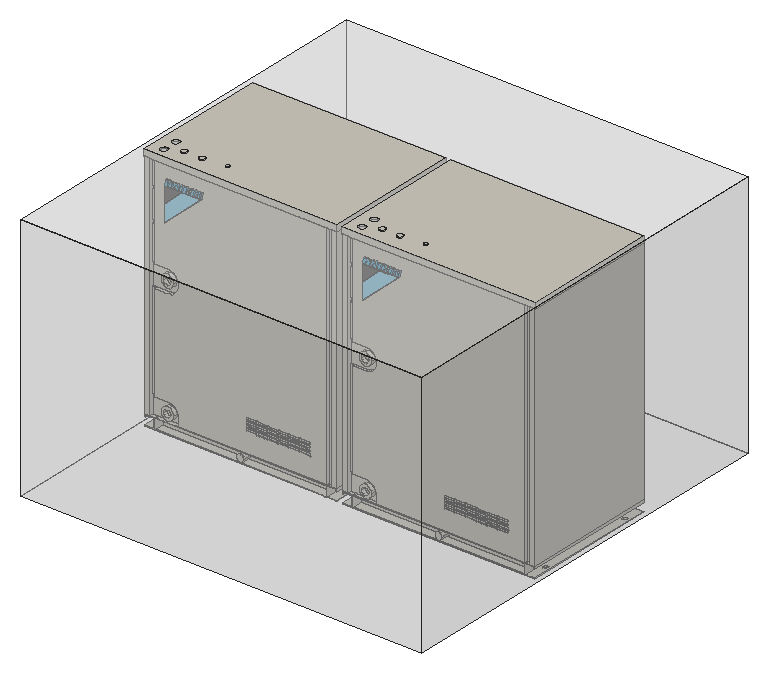
Revit family "outputfile", category 機械設備, Revit 2024 (continued)
Definition of nested family "DAIKIN_outdoorunit_RWEYQ-TY14"
  Definition of nested family "outdoorunit_downpanel"
    Reference planes
      plane 3: x = 0
      plane 4 "Back": y = 10
      plane 5 "Front": y = -10
      plane 6: x = 736
      plane 7 "Top": z = 510
      plane 8 "Left": x = 0
      plane 9: z = 255
      plane 10: y = -18
      plane 11: y = 6
      plane 12: y = 8
      plane 13: x = 368
    Forms (mm)
      Extrusion 1, solid, material <- "material"
        sketch origin (0, 0, 0) x (1, 0, 0) y (0, 1, 0)
          loop
            line (0, 10) -> (0, -10) -> (736, -10) -> (736, 10) -> (0, 10)
        from 0 to 510
    Dimensions and locks
      equal spacing: plane 4 "Back", plane 1 "Center (Front/Back)", plane 5 "Front"
      "depth": plane 4 "Back" to plane 5 "Front"
      "width": plane 8 "Left" to plane 6
      "height1": plane 7 "Top" to plane 2 "Bottom"
      plane 4 "Back" to plane 11 = 4.0 mm
      plane 4 "Back" to plane 12 = 2.0 mm
      equal spacing: plane 8 "Left", plane 13, plane 6
      equal spacing: plane 7 "Top", plane 9, plane 2 "Bottom"
      aligned and locked: level to plane 2 "Bottom"
      aligned and locked: plane 8 "Left" to Extrusion 1 sketch curve
      aligned and locked: Extrusion 1 sketch curve to plane 4 "Back"
      aligned and locked: plane 5 "Front" to Extrusion 1 sketch curve
      aligned and locked: Extrusion 1 to plane 2 "Bottom"
      aligned and locked: plane 7 "Top" to Extrusion 1
      aligned and locked: plane 3 to plane 8 "Left"
    Automatic sketch dimensions
      Extrusion 1 sketch curve to plane 6 = 0.0 mm
  Definition of nested family "daikin_mountinghole"
    Parameters (values of type "daikin_mountinghole")
      Default Elevation = 1219.2 mm
      Type Comments = "mountinghole"
      show [instance] = yes
      material = none
      l_centerline = 100.0 mm
      l_antenna [instance] = 100.0 mm
      h_mountinghole [instance] = 0.0 mm
      d_circle = 30.0 mm
      Link_Nested Family [instance] = ""
    Reference planes
      plane 1 "Center (Front/Back)": y = 0
      plane 2: z = 0
      plane 3 "Center (Left/Right)": x = 0
      plane 4: y = 50
      plane 5: x = -50
      plane 6: x = 50
      plane 7: y = -50
      plane 8 "h_mountinghole": z = 0
      plane 9: z = 100
    Lines and regions (mm)
      model lines, detail levels fine
        curve 1: circle (0, 0, 0) r 15 normal (0, 0, 1)
        curve 2: line (-50, 0, 0) -> (50, 0, 0)
        curve 3: line (0, 50, 0) -> (0, -50, 0)
      symbolic lines, detail levels fine
        curve 4: circle (0, 0, 0) r 15 normal (0, 0, 1)
        curve 5: line (-50, 0, 0) -> (50, 0, 0)
        curve 6: line (0, 50, 0) -> (0, -50, 0)
      model lines
        curve 7: line (0, 0, 100) -> (0, 0, 0)
    Dimensions and locks
      equal spacing: plane 4, plane 1 "Center (Front/Back)", plane 7
      "l_centerline": plane 4 to plane 7
      equal spacing: plane 5, plane 3 "Center (Left/Right)", plane 6
      "l_centerline": plane 5 to plane 6
      "l_antenna": plane 9 to plane 8 "h_mountinghole"
      "h_mountinghole": plane 8 "h_mountinghole" to plane 2
      "d_circle": diameter of curve 1
      "d_circle": diameter of curve 4
      aligned and locked: level to plane 2
      aligned and locked: plane 1 "Center (Front/Back)" to curve 1
      aligned and locked: plane 3 "Center (Left/Right)" to curve 1
      aligned and locked: plane 1 "Center (Front/Back)" to curve 2
      aligned and locked: curve 3 to plane 3 "Center (Left/Right)"
      aligned and locked: plane 6 to curve 2
      aligned and locked: plane 5 to curve 2
      aligned and locked: plane 4 to curve 3
      aligned and locked: plane 7 to curve 3
      aligned and locked: plane 1 "Center (Front/Back)" to curve 4
      aligned and locked: plane 3 "Center (Left/Right)" to curve 4
      aligned and locked: plane 6 to curve 5
      aligned and locked: plane 5 to curve 5
      aligned and locked: plane 1 "Center (Front/Back)" to curve 5
      aligned and locked: plane 4 to curve 6
      aligned and locked: plane 7 to curve 6
      aligned and locked: curve 6 to plane 3 "Center (Left/Right)"
      aligned and locked: curve 7 to plane 3 "Center (Left/Right)"
      aligned and locked: plane 9 to curve 7
      aligned and locked: plane 8 "h_mountinghole" to curve 7
Definition of nested family "daikin_clearancespace"
  Parameters (values of type "daikin_clearancespace")
    Description = "daikin_clearancespace"
    width [instance] = 1823.963 mm
    show [instance] = yes
    material = none
    height [instance] = 1359.762 mm
    depth [instance] = 880.0 mm
    Default Elevation = 0.0 mm
    Link_Nested Family [instance] = ""
  Reference planes
    plane 1 "Center (Front/Back)": y = 0
    plane 2 "Center (Elevation)": z = -0.119
    plane 3 "Center (Left/Right)": x = 0
    plane 4: y = 440
    plane 5: y = -440
    plane 6 "Right": x = 911.982
    plane 7 "Left": x = -911.982
    plane 8 "Top": z = 679.762
    plane 9 "Bottom": z = -680
  Forms (mm)
    Extrusion 1, solid, material <- "material", visible <- "show"
      sketch origin (0, 0, 0) x (1, 0, 0) y (0, 1, 0)
        loop
          line (-911.982, 440) -> (-911.982, -440) -> (911.982, -440) -> (911.982, 440) -> (-911.982, 440)
      from -680 to 679.762
  Lines and regions (mm)
    symbolic lines, visible <- "show"
      curve 1: line (911.982, 440, 0) -> (-911.982, 440, 0)
      curve 2: line (-911.982, 440, 0) -> (-911.982, -440, 0)
      curve 3: line (-911.982, -440, 0) -> (911.982, -440, 0)
      curve 4: line (911.982, -440, 0) -> (911.982, 440, 0)
      curve 5: line (911.982, 0, 679.762) -> (-911.982, 0, 679.762)
      curve 6: line (911.982, 0, -680) -> (911.982, 0, 679.762)
      curve 7: line (-911.982, 0, -680) -> (911.982, 0, -680)
      curve 8: line (-911.982, 0, 679.762) -> (-911.982, 0, -680)
      curve 9: line (0, 440, 679.762) -> (0, -440, 679.762)
      curve 10: line (0, -440, 679.762) -> (0, -440, -680)
      curve 11: line (0, 440, -680) -> (0, 440, 679.762)
      curve 12: line (0, -440, -680) -> (0, 440, -680)
  Dimensions and locks
    "width": plane 7 "Left" to plane 6 "Right"
    "depth": plane 4 to plane 5
    "height": plane 8 "Top" to plane 9 "Bottom"
    equal spacing: plane 7 "Left", plane 3 "Center (Left/Right)", plane 6 "Right"
    equal spacing: plane 4, plane 1 "Center (Front/Back)", plane 5
    equal spacing: plane 8 "Top", plane 2 "Center (Elevation)", plane 9 "Bottom"
    aligned and locked: level to plane 2 "Center (Elevation)"
    aligned and locked: Extrusion 1 sketch curve to plane 4
    aligned and locked: plane 7 "Left" to Extrusion 1 sketch curve
    aligned and locked: Extrusion 1 sketch curve to plane 5
    aligned and locked: Extrusion 1 sketch curve to plane 6 "Right"
    aligned and locked: plane 8 "Top" to Extrusion 1
    aligned and locked: curve 1 to Extrusion 1
    aligned and locked: curve 2 to Extrusion 1
    aligned and locked: curve 3 to Extrusion 1
    aligned and locked: curve 4 to Extrusion 1
    aligned and locked: curve 5 to Extrusion 1
    aligned and locked: curve 6 to Extrusion 1
    aligned and locked: curve 7 to Extrusion 1
    aligned and locked: curve 8 to Extrusion 1
    aligned and locked: curve 9 to Extrusion 1
    aligned and locked: curve 10 to Extrusion 1
    aligned and locked: curve 11 to Extrusion 1
    aligned and locked: curve 12 to Extrusion 1
    aligned and locked: Extrusion 1 to plane 9 "Bottom"
Definition of nested family "daikin_logo_elevation_w150"
  Parameters (values of type "daikin_logo_elevation_w150")
    width = 150.0 mm
    show_logo [instance] = yes
    material = none
    height = 180.0 mm
    depth = 5.0 mm
    Default Elevation = 0.0 mm
  Reference planes
    plane 1 "Center (Front/Back)": y = 0
    plane 2: z = 0
    plane 3 "Center (Left/Right)": x = 0
    plane 4 "top": z = 180
    plane 5: z = 155.432
    plane 6 "left": x = -90
    plane 7 "right": x = 60
    plane 8: y = -5
  Forms (mm)
    Extrusion 1, solid, visible <- "show_logo"
      sketch origin (0, 0, 0) x (1, 0, 0) y (0, 0, 1)
        loop
          line (-90, 22.832) -> (54.211, 155.432) -> (-19.804, 155.432) -> (-90, 91.131) -> (-90, 22.832)
      from 0 to 5
    Extrusion 2, solid, visible <- "show_logo"
      sketch origin (0, 0, 0) x (1, 0, 0) y (0, 0, 1)
        loop
          line (-90, 155.432) -> (-90, 91.131) -> (-19.804, 155.432) -> (-90, 155.432)
      from 0 to 5
    Extrusion 3, solid, visible <- "show_logo"
      sketch origin (0, 0, 0) x (1, 0, 0) y (0, 0, 1)
        loop
          line (-73.294, 180) -> (-84.431, 180) -> (-90, 157.726) -> (-73.294, 157.726)
          arc (-73.294, 157.726) -> (-66.673, 159.069) -> (-61.582, 163.51) r 13.209
          arc (-61.582, 163.51) -> (-59.344, 169.288) -> (-60.109, 175.436) r 12.685
          arc (-60.109, 175.436) -> (-61.683, 177.678) -> (-64.031, 179.088) r 6.606
          arc (-64.031, 179.088) -> (-68.629, 179.878) -> (-73.294, 180) r 32.396
        loop
          line (-78.863, 162.18) -> (-74.408, 162.18)
          arc (-74.408, 162.18) -> (-70.986, 164.473) -> (-69.002, 168.082) r 8.708
          arc (-69.002, 168.082) -> (-68.734, 170.84) -> (-69.386, 173.533) r 8.337
          arc (-69.386, 173.533) -> (-70.358, 174.487) -> (-71.624, 174.988) r 3.442
          line (-71.624, 174.988) -> (-76.078, 174.988) -> (-78.863, 162.18)
        loop
          line (-61.043, 157.726) -> (-54.918, 157.726) -> (-52.829, 161.624) -> (-44.059, 161.624) -> (-43.223, 157.726) -> (-33.2, 157.726) -> (-37.655, 180) -> (-48.792, 180) -> (-61.043, 157.726)
        loop
          line (-50.145, 166.635) -> (-45.133, 166.635) -> (-46.565, 173.318) -> (-50.145, 166.635)
        loop
          line (-24.847, 180) -> (-30.416, 157.726) -> (-20.949, 157.726) -> (-15.38, 180) -> (-24.847, 180)
        loop
          line (-15.38, 157.726) -> (-5.914, 157.726) -> (-4.4, 163.779) -> (0.212, 157.726) -> (11.906, 157.726) -> (2.996, 169.42) -> (15.804, 180) -> (5.78, 180) -> (-1.94, 173.623) -> (-0.345, 180) -> (-9.812, 180) -> (-15.38, 157.726)
        loop
          line (20.259, 180) -> (14.133, 157.726) -> (24.157, 157.726) -> (29.725, 180) -> (20.259, 180)
        loop
          line (29.725, 157.726) -> (36.408, 157.726) -> (39.555, 170.315) -> (43.647, 157.726) -> (54.784, 157.726) -> (60.353, 180) -> (53.671, 180) -> (50.281, 166.442) -> (45.874, 180) -> (35.294, 180) -> (29.725, 157.726)
      from 0 to 5
  Dimensions and locks
    "height": plane 4 "top" to plane 2
    locked: plane 4 "top" to plane 5 at 24.568
    "width": plane 6 "left" to plane 7 "right"
    "depth": plane 8 to plane 1 "Center (Front/Back)"
    aligned and locked: level to plane 2
    aligned and locked: plane 4 "top" to Extrusion 3  (x8)
    aligned and locked: plane 5 to Extrusion 1
    aligned and locked: plane 5 to Extrusion 2
    aligned and locked: plane 6 "left" to Extrusion 2
    aligned and locked: plane 6 "left" to Extrusion 1
    aligned and locked: Extrusion 3 to plane 8
    aligned and locked: Extrusion 1 to plane 8
    aligned and locked: Extrusion 2 to plane 8
  Automatic sketch dimensions
    level to Extrusion 1 sketch curve = 22.832 mm
    Extrusion 1 sketch curve to Extrusion 1 sketch curve = 68.298 mm
    Extrusion 1 sketch curve to plane 4 "top" = 24.568 mm
    Extrusion 1 sketch curve to plane 3 "Center (Left/Right)" = 19.804 mm
    Extrusion 2 sketch curve to plane 4 "top" = 24.568 mm
    Extrusion 2 sketch curve to plane 3 "Center (Left/Right)" = 19.804 mm
    Extrusion 2 sketch curve to Extrusion 2 sketch curve = 64.302 mm
    Extrusion 3 sketch curve to plane 4 "top" = 0.0 mm  (x8)
    Extrusion 3 sketch curve to plane 4 "top" = 0.912 mm
    Extrusion 3 sketch curve to Extrusion 3 sketch curve = 2.154 mm
    Extrusion 3 sketch curve to Extrusion 3 sketch curve = 6.245 mm
    Extrusion 3 sketch curve to plane 4 "top" = 4.564 mm
    Extrusion 3 sketch curve to Extrusion 3 sketch curve = 5.748 mm
    Extrusion 3 sketch curve to Extrusion 3 sketch curve = 2.001 mm
    Extrusion 3 sketch curve to Extrusion 3 sketch curve = 4.603 mm
    Extrusion 3 sketch curve to Extrusion 3 sketch curve = 0.59 mm
    Extrusion 3 sketch curve to Extrusion 3 sketch curve = 0.07 mm
    Extrusion 3 sketch curve to Extrusion 3 sketch curve = 1.49 mm
    Extrusion 3 sketch curve to plane 4 "top" = 5.012 mm
    Extrusion 3 sketch curve to Extrusion 3 sketch curve = 3.556 mm
    Extrusion 3 sketch curve to Extrusion 3 sketch curve = 5.569 mm  (x3)
    Extrusion 3 sketch curve to Extrusion 3 sketch curve = 0.309 mm
    Extrusion 3 sketch curve to Extrusion 3 sketch curve = 4.455 mm  (x4)
    Extrusion 3 sketch curve to Extrusion 3 sketch curve = 0.288 mm
    Extrusion 3 sketch curve to Extrusion 3 sketch curve = 0.689 mm
    Extrusion 3 sketch curve to Extrusion 3 sketch curve = 2.238 mm
    Extrusion 3 sketch curve to Extrusion 3 sketch curve = 4.528 mm
    Extrusion 3 sketch curve to Extrusion 3 sketch curve = 0.658 mm
    Extrusion 3 sketch curve to Extrusion 3 sketch curve = 2.931 mm
    Extrusion 3 sketch curve to Extrusion 3 sketch curve = 0.357 mm
    Extrusion 3 sketch curve to Extrusion 3 sketch curve = 0.101 mm
    Extrusion 3 sketch curve to Extrusion 3 sketch curve = 11.317 mm
    Extrusion 3 sketch curve to Extrusion 3 sketch curve = 0.539 mm
    Extrusion 3 sketch curve to Extrusion 3 sketch curve = 11.137 mm  (x2)
    Extrusion 3 sketch curve to Extrusion 3 sketch curve = 5.784 mm
    Extrusion 3 sketch curve to Extrusion 3 sketch curve = 10.024 mm  (x3)
    Extrusion 3 sketch curve to Extrusion 3 sketch curve = 0.835 mm
    Extrusion 3 sketch curve to Extrusion 3 sketch curve = 8.771 mm
    Extrusion 3 sketch curve to Extrusion 3 sketch curve = 2.088 mm
    Extrusion 3 sketch curve to Extrusion 3 sketch curve = 3.898 mm
    Extrusion 3 sketch curve to plane 4 "top" = 6.682 mm
    Extrusion 3 sketch curve to Extrusion 3 sketch curve = 2.227 mm  (x2)
    Extrusion 3 sketch curve to Extrusion 3 sketch curve = 2.685 mm
    Extrusion 3 sketch curve to plane 4 "top" = 13.365 mm
    Extrusion 3 sketch curve to Extrusion 3 sketch curve = 5.012 mm
    Extrusion 3 sketch curve to Extrusion 3 sketch curve = 12.808 mm
    Extrusion 3 sketch curve to Extrusion 3 sketch curve = 2.784 mm
    Extrusion 3 sketch curve to Extrusion 3 sketch curve = 9.467 mm  (x4)
    Extrusion 3 sketch curve to Extrusion 3 sketch curve = 0.0 mm  (x5)
    Extrusion 3 sketch curve to Extrusion 3 sketch curve = 5.568 mm  (x2)
    Extrusion 3 sketch curve to plane 3 "Center (Left/Right)" = 0.345 mm
    Extrusion 3 sketch curve to plane 3 "Center (Left/Right)" = 1.94 mm
    Extrusion 3 sketch curve to plane 4 "top" = 6.377 mm
    plane 3 "Center (Left/Right)" to Extrusion 3 sketch curve = 5.78 mm
    plane 3 "Center (Left/Right)" to Extrusion 3 sketch curve = 2.996 mm
    Extrusion 3 sketch curve to Extrusion 3 sketch curve = 4.203 mm
    plane 3 "Center (Left/Right)" to Extrusion 3 sketch curve = 11.906 mm
    Extrusion 3 sketch curve to Extrusion 3 sketch curve = 11.694 mm
    plane 3 "Center (Left/Right)" to Extrusion 3 sketch curve = 0.212 mm
    Extrusion 3 sketch curve to plane 3 "Center (Left/Right)" = 4.4 mm
    Extrusion 3 sketch curve to Extrusion 3 sketch curve = 6.053 mm
    Extrusion 3 sketch curve to plane 3 "Center (Left/Right)" = 5.914 mm
    Extrusion 3 sketch curve to Extrusion 3 sketch curve = 10.581 mm
    Extrusion 3 sketch curve to plane 4 "top" = 13.558 mm
    Extrusion 3 sketch curve to Extrusion 3 sketch curve = 4.406 mm
    Extrusion 3 sketch curve to Extrusion 3 sketch curve = 7.796 mm
    Extrusion 3 sketch curve to Extrusion 3 sketch curve = 6.682 mm  (x2)
    Extrusion 3 sketch curve to Extrusion 3 sketch curve = 4.503 mm
    Extrusion 3 sketch curve to Extrusion 3 sketch curve = 8.716 mm
    Extrusion 3 sketch curve to Extrusion 3 sketch curve = 6.634 mm
    Extrusion 3 sketch curve to plane 4 "top" = 9.685 mm
    Extrusion 3 sketch curve to Extrusion 3 sketch curve = 4.261 mm
    Extrusion 3 sketch curve to Extrusion 3 sketch curve = 1.67 mm
    Extrusion 3 sketch curve to Extrusion 3 sketch curve = 8.353 mm
    Extrusion 1 sketch curve to plane 3 "Center (Left/Right)" = 90.0 mm
    Extrusion 2 sketch curve to Extrusion 2 sketch curve = 70.196 mm
    plane 3 "Center (Left/Right)" to Extrusion 1 sketch curve = 54.211 mm
Definition of nested family "daikin_mountinghole"
  Parameters (values of type "daikin_mountinghole")
    Default Elevation = 1219.2 mm
    Type Comments = "mountinghole"
    show [instance] = yes
    material = none
    l_centerline = 100.0 mm
    l_antenna [instance] = 100.0 mm
    h_mountinghole [instance] = 0.0 mm
    d_circle = 30.0 mm
    Link_Nested Family [instance] = ""
  Reference planes
    plane 1 "Center (Front/Back)": y = 0
    plane 2: z = 0
    plane 3 "Center (Left/Right)": x = 0
    plane 4: y = 50
    plane 5: x = -50
    plane 6: x = 50
    plane 7: y = -50
    plane 8 "h_mountinghole": z = 0
    plane 9: z = 100
  Lines and regions (mm)
    model lines, detail levels fine
      curve 1: circle (0, 0, 0) r 15 normal (0, 0, 1)
      curve 2: line (-50, 0, 0) -> (50, 0, 0)
      curve 3: line (0, 50, 0) -> (0, -50, 0)
    symbolic lines, detail levels fine
      curve 4: circle (0, 0, 0) r 15 normal (0, 0, 1)
      curve 5: line (-50, 0, 0) -> (50, 0, 0)
      curve 6: line (0, 50, 0) -> (0, -50, 0)
    model lines
      curve 7: line (0, 0, 100) -> (0, 0, 0)
  Dimensions and locks
    equal spacing: plane 4, plane 1 "Center (Front/Back)", plane 7
    "l_centerline": plane 4 to plane 7
    equal spacing: plane 5, plane 3 "Center (Left/Right)", plane 6
    "l_centerline": plane 5 to plane 6
    "l_antenna": plane 9 to plane 8 "h_mountinghole"
    "h_mountinghole": plane 8 "h_mountinghole" to plane 2
    "d_circle": diameter of curve 1
    "d_circle": diameter of curve 4
    aligned and locked: level to plane 2
    aligned and locked: plane 1 "Center (Front/Back)" to curve 1
    aligned and locked: plane 3 "Center (Left/Right)" to curve 1
    aligned and locked: plane 1 "Center (Front/Back)" to curve 2
    aligned and locked: curve 3 to plane 3 "Center (Left/Right)"
    aligned and locked: plane 6 to curve 2
    aligned and locked: plane 5 to curve 2
    aligned and locked: plane 4 to curve 3
    aligned and locked: plane 7 to curve 3
    aligned and locked: plane 1 "Center (Front/Back)" to curve 4
    aligned and locked: plane 3 "Center (Left/Right)" to curve 4
    aligned and locked: plane 6 to curve 5
    aligned and locked: plane 5 to curve 5
    aligned and locked: plane 1 "Center (Front/Back)" to curve 5
    aligned and locked: plane 4 to curve 6
    aligned and locked: plane 7 to curve 6
    aligned and locked: curve 6 to plane 3 "Center (Left/Right)"
    aligned and locked: curve 7 to plane 3 "Center (Left/Right)"
    aligned and locked: plane 9 to curve 7
    aligned and locked: plane 8 "h_mountinghole" to curve 7
Definition of nested family "daikin_connector_rotate3"
  Parameters (values of type "daikin_connector_rotate3")
    show [instance] = yes
    radius [instance] = 10.0 mm
    length [instance] = 600.0 mm
    angle_horizontal [instance] = 60.00°
    angle_vertical [instance] = 90.00°
    Default Elevation = 0.0 mm
  Reference planes
    plane 1 "Center (Front/Back)": y = 0
    plane 2: z = 0
    plane 3 "Center (Left/Right)": x = 0
  Dimensions and locks
    "angle_horizontal": angle plane 3 "Center (Left/Right)" to nested 1
    aligned and locked: level to plane 2
    aligned and locked: plane 1 "Center (Front/Back)" to nested 1  (x2)
    aligned and locked: plane 3 "Center (Left/Right)" to nested 1
  Nested families
    nested 1: "daikin_connector_rotate2" at (0, 0, 0) x (0.5, 0.866, 0) z (0, 0, 1), angle_vertical <- "angle_vertical", length <- "length", radius <- "radius", type "daikin_connector_rotate2"
      with radius 10.0 mm, length 600.0 mm, angle_vertical 90.00°
  Definition of nested family "daikin_connector_rotate2"
    Parameters (values of type "daikin_connector_rotate2")
      show_face = yes
      radius [instance] = 10.0 mm
      length [instance] = 600.0 mm
      d_surface = 10.0 mm
      angle_vertical [instance] = 90.00°
      Default Elevation = 0.0 mm
    Reference planes
      plane 1 "Center (Front/Back)": y = 0
      plane 2: z = 0
      plane 3 "Center (Left/Right)": x = 0
    Forms (mm)
      Extrusion 1, solid, visible <- "show_face"
        sketch origin (0, -600, 0) x (1, 0, 0) y (0, 0, 1)
          loop
            circle (0, 0) r 10
        from 0 to -10
    Lines and regions (mm)
      reference lines
        curve 1: line (0, 0, 0) -> (0, -600, 0)
      symbolic lines
        curve 2: circle (0, 0, 0) r 5 normal (0, 0, 1)
      model lines, visible <- "show_face"
        curve 3: line (0, 0, 0) -> (0, -600, 0)
    Dimensions and locks
      "length": curve 1 to curve 1
      "length": curve 3 to curve 3
      "d_surface": Extrusion 1 to Extrusion 1
      "radius": radius of Extrusion 1 sketch curve
      "angle_vertical": angle curve 1 to plane 1 "Center (Front/Back)"
      "angle_vertical": angle curve 3 to plane 1 "Center (Front/Back)"
      aligned and locked: level to plane 2
      aligned and locked: plane 1 "Center (Front/Back)" to curve 1
      aligned and locked: plane 2 to curve 1
      aligned and locked: plane 1 "Center (Front/Back)" to curve 2
      aligned and locked: plane 3 "Center (Left/Right)" to curve 2
      aligned and locked: plane 1 "Center (Front/Back)" to curve 3
      aligned and locked: plane 2 to curve 3
      aligned and locked: Extrusion 1 to Extrusion 1
    Automatic sketch dimensions
      Extrusion 1 sketch curve to level = 0.0 mm
      Extrusion 1 sketch curve to plane 3 "Center (Left/Right)" = 0.0 mm
      radius of curve 2 = 5.0 mm
